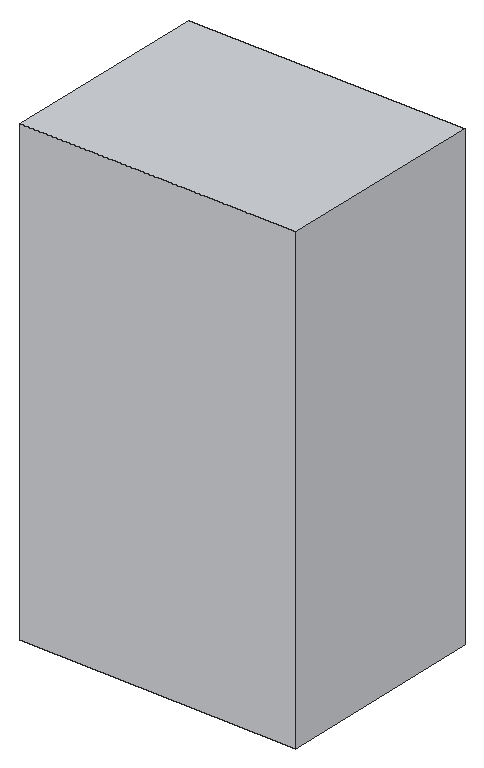
Revit family
Parameters
  Warranty Duration (Years) = 0
  Unit Length [instance] = 0' - 7 3/4"
  URL = "http://www.americanspecialties.com/viewCategories.cfm"
  Test Data = ""
  Trim Material = Metal - Stainless Steel
  Specification = "http://www.arcat.com/sdspecs/htm/10810asi.htm"
  SpecWizard = ""
  Send Message = "http://www.arcat.com/users.pl?action=UserEmail&company=American%20Specialties,%20Inc.&coid=30448&rep=139&fax=914-476-0688&mf="
  Sales Information = "http://www.americanspecialties.com/contact"
  Revision = "R1_10-2010"
  Product Properties = "http://www.americanspecialties.com/datasheets/7303.pdf"
  Product Data = "http://www.arcat.com/arcatcos/cos30/arc30448.html"
  Model = "As Specified in 10 28 13"
  Manufacturer Website = "http://www.americanspecialties.com/viewCategories.cfm"
  Manufacturer Phone - Toll Free = ""
  Manufacturer Phone = "914-476-9000 "
  Manufacturer Fax = "914-476-0688"
  Manufacturer Address = "441 Saw Mill River Rd., Yonkers, NY 10701"
  Manufacturer = "American Specialties, Inc."
  Maintenance Schedule (Months) = 0
  Keynote = "10 28 13"
  Installation-Fabrication = "http://www.americanspecialties.com/products.cfm"
  Green Building-LEED = ""
  Expected Lifespan (Years) = 0
  Body Material = Metal - Stainless Steel
  Drawn By = "Robert S. Weygant. CSI, CDT, SCIP"  # constant formula
  Description = "Toilet Accessory as Specified in 10 28 13"
  Default Elevation = 4' - 0"
  Copyright = "©Arcat Inc."
  Construction Details = "http://www.arcat.com/green/clients/leed_data_30448.html"
  Building Codes = "http://www.americanspecialties.com/products.cfm"
  Assembly Code = "C1030210"
Reference planes (in)
  plane 1 "Center (Front/Back)": y = -0.29112
  plane 2 "Floor Line": z = 0
  plane 3 "Center (Left/Right)": x = -0.65843
  plane 4: z = 0.4375
  plane 5: z = 4.375
  plane 6: x = -1.65843
  plane 7: x = 0.34157
  plane 8: y = 0.70888
  plane 9: y = -1.29112
  plane 10: z = 3.375
Forms (in)
  Extrusion 1, solid
    sketch origin (-3, -9, -6) x (0, 0, -1) y (1, 0, 0)
      loop
        line (-82, 26) -> (-82, -19.34712) -> (-6, -19.34712) -> (-6, 26) -> (-82, 26)
    from 9 to -25.60721
  Extrusion 2, solid, material "Metal - Stainless Steel" <- "Body Material"
    sketch origin (6.8823, 1.98146, 0) x (1, 0, 0) y (0, 1, 0)
      loop
        arc (-8.41573, -1.27258) -> (-8.50412, -1.30919) -> (-8.54073, -1.39758) r 0.125
        line (-8.54073, -1.39758) -> (-8.54073, -3.14758)
        arc (-8.54073, -3.14758) -> (-8.50412, -3.23597) -> (-8.41573, -3.27258) r 0.125
        line (-8.41573, -3.27258) -> (-6.66573, -3.27258)
        arc (-6.66573, -3.27258) -> (-6.57734, -3.23597) -> (-6.54073, -3.14758) r 0.125
        line (-6.54073, -3.14758) -> (-6.54073, -1.39758)
        arc (-6.54073, -1.39758) -> (-6.57734, -1.30919) -> (-6.66573, -1.27258) r 0.125
        line (-6.66573, -1.27258) -> (-8.41573, -1.27258)
    from 0 to 0.4375
  Extrusion 3, solid, material "Metal - Stainless Steel" <- "Body Material"
    sketch origin (2.875, 0, 0) x (1, 0, 0) y (0, 1, 0)
      loop
        line (-3.78343, 0.20888) -> (-3.78343, -0.79112) -> (-3.28343, -0.79112) -> (-3.28343, 0.20888) -> (-3.78343, 0.20888)
    from 0.4375 to 3.375
  Extrusion 4, solid, material "Metal - Stainless Steel" <- "Body Material"
    sketch origin (0, 0, 0) x (1, 0, 0) y (0, 1, 0)
      loop
        line (-1.15843, -0.79112) -> (-0.15843, -0.79112) -> (-0.15843, 4.20888) -> (-1.15843, 4.20888) -> (-1.15843, -0.79112)
    from 3.375 to 4.375
Dimensions and locks (in)
  aligned and locked: plane 4 to Extrusion 2
  aligned and locked: Extrusion 3 to plane 4
  aligned and locked: Extrusion 4 sketch curve to Extrusion 3
  aligned and locked: Extrusion 4 to Extrusion 3
  aligned and locked: plane 5 to Extrusion 4
  aligned and locked: Extrusion 2 to plane 6
  aligned and locked: plane 7 to Extrusion 2
  aligned and locked: Extrusion 2 to plane 8
  aligned and locked: plane 9 to Extrusion 2
  aligned and locked: Extrusion 4 to plane 10
